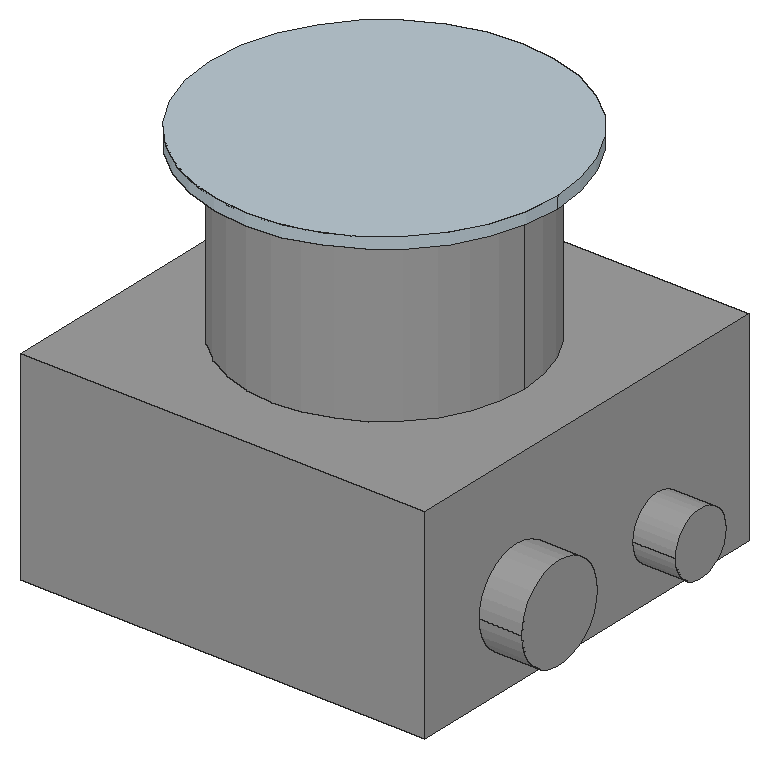
Revit family "Electrical_Equipment-Floor_Box-Hubbell_Wiring-CFBS1R4PFB", category Electrical Fixtures, host Face, Revit 2015
Parameters
  URL = "http://www.hubbell-wiring.com"
  Product data url = "https://bimobject.com/hubbellwiring/product/hubbell-cfbs1r4pfb"
  Product Page URL = "http://www.hubbell-wiring.com/press/catalog/O.pdf"
  Product Material = Non_Metallic-Hubbell-Gray
  Product Documentation Link = "http://www.hubbell-wiring.com/press/catalog/O.pdf"
  Model = "CFBS1R4PFB"  # constant formula
  Manufacturer Phone = "475-882-4800"  # constant formula
  Manufacturer Fax = "203-882-4852"  # constant formula
  Manufacturer = "Hubbell Wiring Device"  # constant formula
  Description = "Plastic Recessed Floor Box, 4in Round Cover"  # constant formula
  Default Elevation = 48.000"
  Cover Material = Metal-Hubbell-Aluminum
  Conduit Connector_4 Description = "1in. 0.75in. or 0.5in. Reducers/Plugs"  # constant formula
  Conduit Connector_3 Description = "1in. 0.75in. or 0.5in. Reducers/Plugs"  # constant formula
  Conduit Connector_2 Description = "1.5in. 1.25 in. or 1in. Reducers/Plugs"  # constant formula
  Conduit Connector_1 Description = "1.5in. 1.25in. or 1in. Reducers/Plugs"  # constant formula
  Conduit Connector 2 Radius [instance] = 0.500"
  Conduit Connector 1 Radius [instance] = 0.750"
  Box Cover [instance] = Cover : CFBS1R4ALU
  Assembly Code = "D5020115"
Reference planes (in)
  plane 1 "Center (Front/Back)": y = 0
  plane 2: z = 0
  plane 3 "Center (Left/Right)": x = 0
  plane 4: x = -3.23
  plane 5: x = 3.23
  plane 6: y = -3.23
  plane 7: y = 3.23
  plane 8: z = -6
  plane 9: z = -2.76
  plane 10: x = -2.24
  plane 11: x = 2.24
  plane 12: y = -1.41
  plane 13: y = 1.41
  plane 14: z = -5
  plane 15: x = -3.925
  plane 16: x = 3.925
  plane 17: z = -4.75
Forms (in)
  Extrusion 1, solid, material "Non_Metallic-Hubbell-Gray" <- "Product Material"
    sketch origin (0, 0, 0) x (1, 0, 0) y (0, 1, 0)
      loop
        line (-3.23, 3.23) -> (-3.23, -3.23) -> (3.23, -3.23) -> (3.23, 3.23) -> (-3.23, 3.23)
    from -6 to -2.76
  Extrusion 2, solid, material "Non_Metallic-Hubbell-Gray" <- "Product Material"
    sketch origin (0, 0, 0) x (1, 0, 0) y (0, 1, 0)
      loop
        circle (0, 0) r 2.24
      loop
        circle (0, 0) r 2
    from -2.76 to 0
  Extrusion 3, solid, material "Non_Metallic-Hubbell-Gray" <- "Product Material", detail levels medium+fine
    sketch origin (0, 0, 0) x (0, 1, 0) y (0, 0, 1)
      loop
        circle (-1.41, -4.75) r 0.75
      loop
        circle (1.41, -5) r 0.5
    from 3.23 to 3.925
  Extrusion 4, solid, material "Non_Metallic-Hubbell-Gray" <- "Product Material", detail levels medium+fine
    sketch origin (0, 0, 0) x (0, 1, 0) y (0, 0, -1)
      loop
        circle (-1.41, 4.75) r 0.75
      loop
        circle (1.41, 5) r 0.5
    from 3.23 to 3.925
Lines and regions (in)
  symbolic lines
    curve 1: line (-3.23, 3.23, 0) -> (3.23, 3.23, 0)
    curve 2: line (-3.23, -3.23, 0) -> (-3.23, 3.23, 0)
    curve 3: line (3.23, -3.23, 0) -> (-3.23, -3.23, 0)
    curve 4: line (3.23, 3.23, 0) -> (3.23, -3.23, 0)
    curve 5: circle (0, 0, 0) r 2.75 normal (0, 0, 1)
    curve 6: circle (0, 0, 0) r 1.99 normal (0, 0, 1)
Dimensions and locks (in)
  equal spacing: plane 4, plane 3 "Center (Left/Right)", plane 5, locked at 3.23 each  (x2)
  equal spacing: plane 6, plane 1 "Center (Front/Back)", plane 7, locked at 3.23 each
  equal spacing: plane 11, plane 3 "Center (Left/Right)", plane 10, locked at 2.24 each
  locked: plane 11 to plane 10 at 4.48
  equal spacing: plane 13, plane 1 "Center (Front/Back)", plane 12, locked at 1.41 each
  equal spacing: plane 15, plane 3 "Center (Left/Right)", plane 16, locked at 3.925 each
  plane 15 to plane 16 = 7.850"
  plane 15 to plane 3 "Center (Left/Right)" = 3.925"
  locked: plane 9 to plane 8 at 3.24
  locked: plane 2 to plane 8 at 6
  locked: plane 17 to plane 8 at 1.25
  locked: plane 14 to plane 8 at 1
  "Conduit Connector 1 Radius": radius of Extrusion 3 sketch curve
  "Conduit Connector 2 Radius": radius of Extrusion 3 sketch curve
  "Conduit Connector 1 Radius": radius of Extrusion 4 sketch curve
  "Conduit Connector 2 Radius": radius of Extrusion 4 sketch curve
  aligned and locked: plane 2 to host face
  aligned and locked: level to host face
  aligned and locked: plane 7 to Extrusion 1 sketch curve
  aligned and locked: plane 4 to Extrusion 1 sketch curve
  aligned and locked: plane 6 to Extrusion 1 sketch curve
  aligned and locked: plane 5 to Extrusion 1 sketch curve
  aligned and locked: Extrusion 1 to plane 8
  aligned and locked: plane 9 to Extrusion 1
  aligned and locked: plane 3 "Center (Left/Right)" to Extrusion 2 sketch curve  (x2)
  aligned and locked: plane 1 "Center (Front/Back)" to Extrusion 2 sketch curve  (x2)
  aligned and locked: Extrusion 2 to plane 9
  aligned and locked: level to Extrusion 2
  aligned and locked: plane 12 to Extrusion 3 sketch curve
  aligned and locked: plane 5 to Extrusion 3
  aligned and locked: plane 4 to Extrusion 4
  aligned and locked: plane 3 "Center (Left/Right)" to nested 1
  aligned and locked: plane 1 "Center (Front/Back)" to nested 1
  aligned and locked: Extrusion 3 to plane 16
  aligned and locked: Extrusion 4 to plane 15
  aligned and locked: plane 13 to Extrusion 3 sketch curve
  aligned and locked: plane 13 to Extrusion 4 sketch curve
  aligned and locked: plane 7 to curve 1
  aligned and locked: plane 12 to Extrusion 4 sketch curve
  aligned and locked: plane 17 to Extrusion 3 sketch curve
  aligned and locked: plane 17 to Extrusion 4 sketch curve
  aligned and locked: plane 14 to Extrusion 4 sketch curve
  aligned and locked: plane 14 to Extrusion 3 sketch curve
Automatic sketch dimensions
  host sketch curve to host sketch curve = 96.000"  (x2)
  curve 5 to curve 6 = 0.000"  (x2)
  curve 1 to plane 4 = 0.000"
  plane 1 "Center (Front/Back)" to curve 5 = 0.000"
  curve 5 to plane 3 "Center (Left/Right)" = 0.000"
  curve 4 to plane 5 = 0.000"
  curve 3 to plane 6 = 0.000"
  radius of Extrusion 2 sketch curve = 2.240"
  radius of Extrusion 2 sketch curve = 2.000"
  radius of curve 5 = 2.750"
  radius of curve 6 = 1.990"
Nested families (in)
  nested 1: "Cover" at (0, 0, 0), type <- "Box Cover", type "CFBS1R4ALU"
Connectors (in)
  cabletrayconduit at (3.925, -1.41, -4.75), diameter 1.5, driven by "Conduit Connector 1 Radius", driven by "Conduit Connector_1 Description"
    settings: on Extrusion 3, index 1, connector width 12.000", connector height 12.000", connector angle 0.00°, system type 32, placement type 0, profile type 0, connector reference index -1, is primary connector yes, connector utility param no, connector description "1.5in. 1.25in. or 1in. Reducers/Plugs"
  cabletrayconduit at (-3.925, -1.41, -4.75), diameter 1.5, driven by "Conduit Connector 1 Radius", driven by "Conduit Connector_2 Description"
    settings: on Extrusion 4, index 2, connector width 12.000", connector height 12.000", connector angle 0.00°, system type 32, placement type 0, profile type 0, connector reference index -1, is primary connector no, connector utility param no, connector description "1.5in. 1.25 in. or 1in. Reducers/Plugs"
  cabletrayconduit at (-3.925, 1.41, -5), diameter 1, driven by "Conduit Connector 2 Radius", driven by "Conduit Connector_4 Description"
    settings: on Extrusion 4, index 3, connector width 12.000", connector height 12.000", connector angle 0.00°, system type 32, placement type 0, profile type 0, connector reference index -1, is primary connector no, connector utility param no, connector description "1in. 0.75in. or 0.5in. Reducers/Plugs"
  cabletrayconduit at (3.925, 1.41, -5), diameter 1, driven by "Conduit Connector 2 Radius", driven by "Conduit Connector_3 Description"
    settings: on Extrusion 3, index 4, connector width 12.000", connector height 12.000", connector angle 0.00°, system type 32, placement type 0, profile type 0, connector reference index -1, is primary connector no, connector utility param no, connector description "1in. 0.75in. or 0.5in. Reducers/Plugs"
Definition of nested family "Cover"
  Parameters
    Temporary cover = yes
    Product Material = none
    Cover = yes
    Default Elevation = 48.000"
  Reference planes (in)
    plane 1 "Center (Front/Back)": y = 0
    plane 2: z = 0
    plane 3 "Center (Left/Right)": x = 0
    plane 4: z = -5.65
    plane 5: z = -4.33
    plane 6: y = 1.572
    plane 7: y = -1.572
    plane 8: y = 0.798
    plane 9: y = -0.798
    plane 10: y = 1.452
    plane 11: y = -1.452
    plane 12: y = 1
    plane 13: y = -1
    plane 14: z = -5.56
    plane 15: z = -4.99
    plane 16: x = -2.765
    plane 17: x = 2.765
    plane 18: z = 0.18
    plane 19: x = -1.99
    plane 20: x = 1.99
  Forms (in)
    Extrusion 1, solid
      sketch origin (0, 0, 0) x (1, 0, 0) y (0, 1, 0)
        loop
          line (-48, 48) -> (-48, -48) -> (48, -48) -> (48, 48) -> (-48, 48)
      from 0 to -2
    Extrusion 2, solid, material <- "Product Material", visible <- "Temporary cover"
      sketch origin (0, 0, 0) x (1, 0, 0) y (0, 1, 0)
        loop
          circle (0, 0) r 2.765
      from 0 to 0.18
  Lines and regions (in)
    model lines, visible <- "Cover", detail levels medium+fine
      curve 1: line (-0.72244, 1.85423, 0.18) -> (-0.72244, 1.54641, 0.18)
      curve 2: line (-0.53026, 1.35423, 0.18) -> (0, 1.35423, 0.18)
      curve 3: arc (-0.72244, 1.54641, 0.18) -> (-0.66615, 1.41052, 0.18) -> (-0.53026, 1.35423, 0.18) r 0.19218
      curve 4: line (0.72244, 1.85423, 0.18) -> (0.72244, 1.54641, 0.18)
      curve 5: line (0.53026, 1.35423, 0.18) -> (0, 1.35423, 0.18)
      curve 6: arc (0.72244, 1.54641, 0.18) -> (0.66615, 1.41052, 0.18) -> (0.53026, 1.35423, 0.18) r 0.19218
      curve 7: line (-0.3144, -1.96501, 0.18) -> (-0.3144, -1.452, 0.18)
      curve 8: line (-0.3144, -1.452, 0.18) -> (0, -1.452, 0.18)
      curve 9: line (-0.3144, -1.572, 0.18) -> (0, -1.572, 0.18)
      curve 10: line (0.3144, -1.96501, 0.18) -> (0.3144, -1.452, 0.18)
      curve 11: line (0.3144, -1.452, 0.18) -> (0, -1.452, 0.18)
      curve 12: line (0.3144, -1.572, 0.18) -> (0, -1.572, 0.18)
      curve 13: line (0, -1, 0.18) -> (-0.5, -1, 0.18)
      curve 14: line (-0.5, -1, 0.18) -> (-0.5, -0.8814, 0.18)
      curve 15: line (-0.5, -0.8814, 0.18) -> (0, -0.8814, 0.18)
      curve 16: line (-0.5, -0.8814, 0.18) -> (-0.5, -0.798, 0.18)
      curve 17: line (-0.5, -0.798, 0.18) -> (-0.8873, -0.65704, 0.18)
      curve 18: line (-0.8873, -0.65704, 0.18) -> (-0.8873, 0.798, 0.18)
      curve 19: line (-0.8873, 0.798, 0.18) -> (-0.5, 0.798, 0.18)
      curve 20: line (-0.5, 0.798, 0.18) -> (-0.5, 1, 0.18)
      curve 21: line (-0.5, 1, 0.18) -> (0, 1, 0.18)
      curve 22: line (-0.5, 0.798, 0.18) -> (-0.5, 0.298, 0.18)
      curve 23: line (-0.5, 0.298, 0.18) -> (-0.65672, -0.13257, 0.18)
      curve 24: line (-0.5073, -0.453, 0.18) -> (-0.41471, -0.4867, 0.18)
      curve 25: line (-0.41471, -0.4867, 0.18) -> (0, -0.4867, 0.18)
      curve 26: line (-0.67176, -0.22242, 0.18) -> (-0.8873, -0.22242, 0.18)
      curve 27: line (-0.8873, 0.19787, 0.18) -> (-0.5, 0.298, 0.18)
      curve 28: line (-0.5, 0.548, 0.18) -> (-0.8873, 0.798, 0.18)
      curve 29: line (0, 0, 0.18) -> (-0.38538, 0, 0.18)
      curve 30: line (-0.38538, -0.16189, 0.18) -> (0, -0.16189, 0.18)
      curve 31: line (-0.38538, 0, 0.18) -> (-0.38538, -0.16189, 0.18)
      curve 32: line (0, -1, 0.18) -> (0.5, -1, 0.18)
      curve 33: line (0.5, -1, 0.18) -> (0.5, -0.8814, 0.18)
      curve 34: line (0.5, -0.8814, 0.18) -> (0, -0.8814, 0.18)
      curve 35: line (0.5, -0.8814, 0.18) -> (0.5, -0.798, 0.18)
      curve 36: line (0.5, -0.798, 0.18) -> (0.8873, -0.65704, 0.18)
      curve 37: line (0.8873, -0.65704, 0.18) -> (0.8873, 0.798, 0.18)
      curve 38: line (0.8873, 0.798, 0.18) -> (0.5, 0.798, 0.18)
      curve 39: line (0.5, 0.798, 0.18) -> (0.5, 1, 0.18)
      curve 40: line (0.5, 1, 0.18) -> (0, 1, 0.18)
      curve 41: line (0.5, 0.798, 0.18) -> (0.5, 0.298, 0.18)
      curve 42: line (0.67176, -0.22242, 0.18) -> (0.8873, -0.22242, 0.18)
      curve 43: line (0.8873, 0.19787, 0.18) -> (0.5, 0.298, 0.18)
      curve 44: line (0.5, 0.548, 0.18) -> (0.8873, 0.798, 0.18)
      curve 45: line (0, 0, 0.18) -> (0.38538, 0, 0.18)
      curve 46: line (0.38538, -0.16189, 0.18) -> (0, -0.16189, 0.18)
      curve 47: line (0.38538, 0, 0.18) -> (0.38538, -0.16189, 0.18)
      curve 48: arc (-0.5073, -0.453, 0.18) -> (-0.64837, -0.32373, 0.18) -> (-0.65672, -0.13257, 0.18) r 0.25
      curve 49: line (0.5, 0.298, 0.18) -> (0.65672, -0.13257, 0.18)
      curve 50: line (0.5073, -0.453, 0.18) -> (0.41471, -0.4867, 0.18)
      curve 51: arc (0.5073, -0.453, 0.18) -> (0.64837, -0.32373, 0.18) -> (0.65672, -0.13257, 0.18) r 0.25
      curve 52: line (0.41471, -0.4867, 0.18) -> (0, -0.4867, 0.18)
      curve 53: circle (-1.04834, 1.452, 0.18) r 0.16104 normal (0, 0, 1)
      curve 54: line (-1.04834, 1.61304, 0.18) -> (-1.04834, 1.29096, 0.18)
      curve 55: line (-1.20939, 1.452, 0.18) -> (-0.8873, 1.452, 0.18)
      curve 56: circle (0.94438, -1.452, 0.18) r 0.16104 normal (0, 0, 1)
      curve 57: line (0.94438, -1.29096, 0.18) -> (0.94438, -1.61304, 0.18)
      curve 58: line (0.78334, -1.452, 0.18) -> (1.10543, -1.452, 0.18)
      curve 59: line (0, -1.572, 0.18) -> (0, -1.99, 0.18)
      curve 60: arc (1.99, 0, 0.18) -> (0, 1.99, 0.18) -> (-1.99, 0, 0.18) r 1.99
      curve 61: arc (-1.99, 0, 0.18) -> (0, -1.99, 0.18) -> (1.99, 0, 0.18) r 1.99
  Dimensions and locks (in)
    locked: level to plane 4 at 5.65
    locked: level to plane 5 at 4.33
    plane 1 "Center (Front/Back)" to plane 10 = 1.452"
    plane 1 "Center (Front/Back)" to plane 12 = 1.000"
    locked: plane 14 to plane 4 at 0.09
    equal spacing: plane 5, plane 15, plane 4
    plane 16 to plane 17 = 5.530"
    locked: plane 18 to level at 0.18
    equal spacing: plane 19, plane 3 "Center (Left/Right)", plane 20
    aligned and locked: plane 2 to Extrusion 1
    aligned and locked: level to Extrusion 1
    aligned and locked: plane 18 to Extrusion 2
    aligned and locked: Extrusion 2 to level
  Automatic sketch dimensions
    Extrusion 1 sketch curve to Extrusion 1 sketch curve = 96.000"  (x2)
    plane 1 "Center (Front/Back)" to Extrusion 2 sketch curve = 0.000"
    Extrusion 2 sketch curve to plane 3 "Center (Left/Right)" = 0.000"
    plane 11 to curve 58 = 0.000"
    plane 11 to curve 56 = 0.000"
    curve 39 to plane 8 = 0.000"
    plane 9 to curve 35 = 0.000"
    plane 1 "Center (Front/Back)" to curve 45 = 0.000"
    curve 25 to plane 3 "Center (Left/Right)" = 0.000"
    curve 13 to plane 3 "Center (Left/Right)" = 0.000"
    curve 15 to plane 3 "Center (Left/Right)" = 0.000"
    curve 46 to plane 3 "Center (Left/Right)" = 0.000"
    curve 21 to plane 3 "Center (Left/Right)" = 0.000"
    curve 29 to plane 3 "Center (Left/Right)" = 0.000"
    curve 59 to plane 3 "Center (Left/Right)" = 0.000"
    curve 2 to plane 3 "Center (Left/Right)" = 0.000"
    curve 8 to plane 3 "Center (Left/Right)" = 0.000"
    plane 11 to curve 8 = 0.000"
    plane 7 to curve 9 = 0.000"
    plane 9 to curve 16 = 0.000"
    curve 14 to plane 13 = 0.000"
    curve 22 to plane 8 = 0.000"
    plane 12 to curve 21 = 0.000"
    curve 55 to plane 10 = 0.000"
    curve 53 to plane 10 = 0.000"
    plane 1 "Center (Front/Back)" to curve 47 = 0.16189"
    curve 52 to curve 46 = 0.02933"
    curve 51 to curve 46 = 0.03641"
    curve 49 to curve 45 = 0.11462"
    curve 34 to curve 50 = 0.08529"
    curve 50 to curve 50 = 0.09258"
    curve 5 to plane 10 = 0.09777"
    curve 5 to curve 39 = 0.03026"
    curve 6 to plane 6 = 0.02559"
    plane 1 "Center (Front/Back)" to curve 49 = 0.13257"
    curve 42 to curve 51 = 0.01504"
    curve 58 to curve 10 = 0.46894"
    curve 43 to plane 1 "Center (Front/Back)" = 0.19787"
    curve 42 to curve 42 = 0.21554"
    curve 36 to plane 9 = 0.14096"
    plane 7 to curve 57 = 0.04104"
    curve 57 to curve 56 = 0.000"
    curve 11 to curve 8 = 0.3144"
    curve 30 to curve 30 = 0.38538"
    curve 30 to curve 24 = 0.02933"
    curve 30 to curve 48 = 0.03641"
    curve 25 to curve 16 = 0.08529"
    curve 29 to curve 27 = 0.11462"
    curve 25 to curve 24 = 0.09258"
    curve 3 to plane 6 = 0.02559"
    plane 1 "Center (Front/Back)" to curve 23 = 0.13257"
    curve 48 to curve 26 = 0.01504"
    curve 26 to curve 26 = 0.21554"
    curve 1 to curve 55 = 0.16486"
    curve 27 to plane 1 "Center (Front/Back)" = 0.19787"
    curve 17 to plane 9 = 0.14096"
    plane 6 to curve 54 = 0.04104"
    curve 53 to curve 54 = 0.000"
    plane 6 to curve 1 = 0.28223"
    plane 6 to curve 4 = 0.28223"
    curve 44 to plane 8 = 0.250"
    curve 19 to curve 28 = 0.250"
    curve 44 to curve 43 = 0.250"
    curve 28 to curve 23 = 0.250"
    curve 46 to curve 51 = 0.05619"
    curve 30 to curve 48 = 0.05619"
    curve 51 to curve 42 = 0.08985"
    plane 1 "Center (Front/Back)" to curve 26 = 0.22242"
    curve 24 to curve 24 = 0.0337"
    plane 9 to curve 16 = 0.0834"
    curve 10 to curve 59 = 0.02499"
    plane 1 "Center (Front/Back)" to curve 60 = 0.000"
    curve 61 to plane 20 = 0.000"
    curve 61 to plane 3 "Center (Left/Right)" = 0.000"
    radius of Extrusion 2 sketch curve = 2.765"
